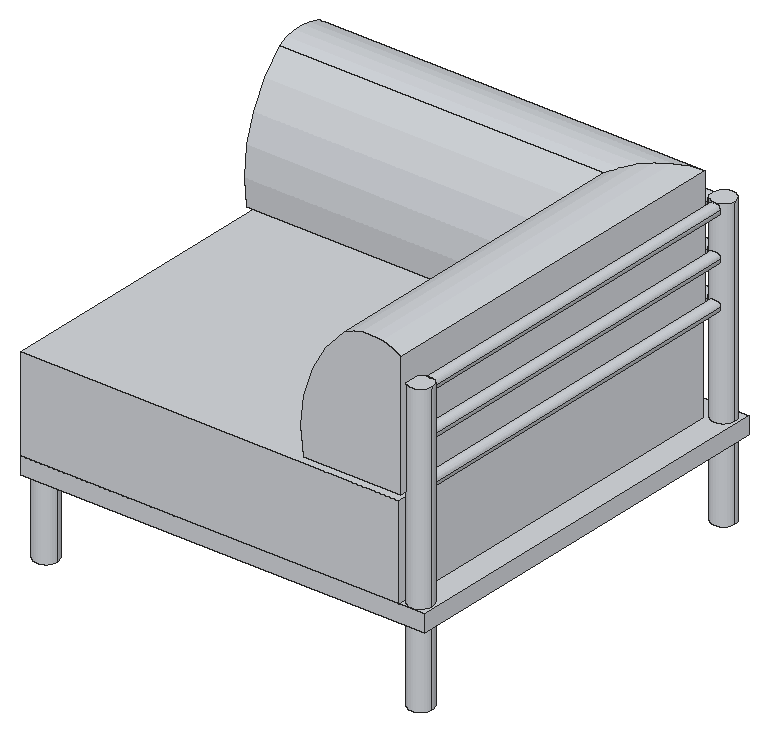
Revit family "Outdoor_Modular_Furniture_-_Corner_17929", category Мебель, Revit 2017
Family settings
  Номер OmniClass = 23.40.20.00
  Заголовок OmniClass = General Furniture and Specialties
  На основе рабочей плоскости = Нет
  Всегда вертикально = Да
  При загрузке вырезать с полостями = Нет
  Общий = Нет
  Точка расчета площади = Нет
Parameters
  frame = none
  fabric = none
Reference planes (in)
  plane 1 "Center Front/Back": y = 0
  plane 2: z = 0
  plane 3 "Center Left/Right": x = 0
  plane 4: z = 8
  plane 5: z = 28
  plane 6: through (0, 0, 48) normal (-0.7071, 0.7071, 0)
Forms (in)
  Extrusion 1, solid, material <- "frame"
    sketch origin (0, 0, 0) x (1, 0, 0) y (0, 1, 0)
      loop
        line (-17.5, 17.5) -> (-17.5, -17.5) -> (17.5, -17.5) -> (17.5, 17.5) -> (-17.5, 17.5)
    from 8 to 6.503
  Extrusion 2, solid, material <- "frame"
    sketch origin (0, 0, 0) x (1, 0, 0) y (0, 1, 0)
      loop
        circle (-16.26256, -16.26256) r 1
    from 0 to 6.503
  Extrusion 3, solid, material <- "frame"
    sketch origin (0, 0, 0) x (1, 0, 0) y (0, 1, 0)
      loop
        circle (-16.2448, 16.38365) r 1
      loop
        circle (16.2448, 16.38365) r 1
      loop
        circle (16.2448, -16.38365) r 1
    from 0 to 25
  Extrusion 4, solid, material <- "fabric"
    sketch origin (0, 0, 0) x (1, 0, 0) y (0, 1, 0)
      loop
        line (-17.5, 15.41294) -> (-17.5, -17.5) -> (15.27409, -17.5) -> (15.27409, 15.41294) -> (-17.5, 15.41294)
    from 8 to 16
  Extrusion 5, solid, material <- "frame"
    sketch origin (0, 0, 0) x (0, 1, 0) y (0, 0, 1)
      loop
        circle (16.38365, 24.5) r 0.5
      loop
        circle (16.38365, 20.75) r 0.5
      loop
        circle (16.38365, 17) r 0.5
    from -15.18694 to 15.27409
  Extrusion 6, solid, material <- "frame"
    sketch origin (32.62845, 0.13885, 0) x (-1, 0, 0) y (0, 0, 1)
      loop
        circle (16.38365, 24.5) r 0.5
      loop
        circle (16.38365, 20.75) r 0.5
      loop
        circle (16.38365, 17) r 0.5
    from -15.54856 to 15.27409
  Sweep 7, solid
    path origin (0, 0, 0) x (1, 0, 0) y (0, 1, 0)
      loop
        line (-17.5, 10.5537) -> (10.5537, 10.5537) -> (10.5537, -17.5)
    profile origin (-3.47315, 10.5537, 0) x (0, 1, 0) y (0, 0, 1)
      loop
        line (4.85925, 16.5) -> (4.85925, 27.18458)
        arc (4.85925, 27.18458) -> (2.46518, 27.99498) -> (0, 27.43715) r 4.66274
        arc (0, 27.43715) -> (-3.1943, 22.42913) -> (-3.5537, 16.5) r 11.83702
        line (-3.5537, 16.5) -> (4.85925, 16.5)
Cuts and joins
  joined: Extrusion 1, Extrusion 2, Extrusion 3, Extrusion 5
Dimensions and locks (in)
  aligned and locked: level to plane 2
